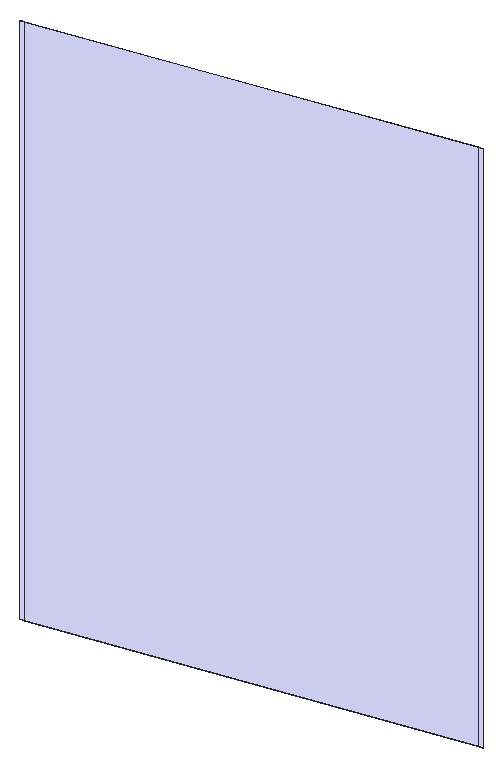
Revit family "9fe7ee4c13664f849904e6b5b8749abb", category Balusters, Revit 2021
Family settings
  OmniClass Number = 23.30.80.11.11.11
  OmniClass Title = Infill Panels
  Always vertical = Yes
  Cut with Voids When Loaded = No
  Shared = No
Parameters (values of type "2' 8"")
  Width = 2' - 8"
  built-in parameter 1008623 [instance] = (empty or 0)
  Thickness = 0' - 0 1/4"
  built-in parameter 1008625 [instance] = 32.47°
  Post = no
  Glass = Glass
  built-in parameter 1008624 [instance] = (empty or 0)
  built-in parameter 1008622 [instance] = 2' - 6"
Reference planes (in)
  plane 1 "Center (Front/Back)": y = 0
  plane 2: z = 0
  plane 3 "Center (Left/Right)": x = 0.13229
  plane 4: z = 30
  plane 5 "Slope Angle (Top)": through (0, 13.58797, 21.35351) normal (0, -0.5369, -0.8437)
  plane 6 "Slope Angle (Bottom)": through (0, 0, 0) normal (0, -0.5369, -0.8437)
  plane 7 "Front": y = 16
  plane 8 "Back": y = -16
  plane 9: x = 0.00729
  plane 10: x = 0.25729
Forms (in)
  Extrusion 1, solid, material "Glass" <- "Glass"
    sketch origin (0.13229, 0, 0) x (0, 1, 0) y (0, 0, 1)
      loop
        line (16, 19.81865) -> (-16, 40.18135) -> (-16, 10.18135) -> (16, -10.18135) -> (16, 19.81865)
    from -0.125 to 0.125
Text (in)
  text "Baluster Panel Elevation" at (0, 40.229, 48.5925), in view "Left"
Dimensions and locks (in)
  "built-in parameter 1008622": plane 2 to plane 4
  equal spacing: plane 7 "Front", plane 1 "Center (Front/Back)", plane 8 "Back"
  "Width": plane 7 "Front" to plane 8 "Back"
  equal spacing: plane 9, plane 3 "Center (Left/Right)", plane 10
  "Thickness": plane 9 to plane 10
  "built-in parameter 1008625": angle plane 4 to plane 5 "Slope Angle (Top)"
  "built-in parameter 1008625": angle level to plane 6 "Slope Angle (Bottom)"
  aligned and locked: plane 2 to level
  aligned and locked: Extrusion 1 sketch curve to plane 5 "Slope Angle (Top)"
  aligned and locked: plane 7 "Front" to Extrusion 1 sketch curve
  aligned and locked: Extrusion 1 sketch curve to plane 8 "Back"
  aligned and locked: plane 6 "Slope Angle (Bottom)" to Extrusion 1 sketch curve
  aligned and locked: Extrusion 1 to plane 9
  aligned and locked: Extrusion 1 to plane 10
